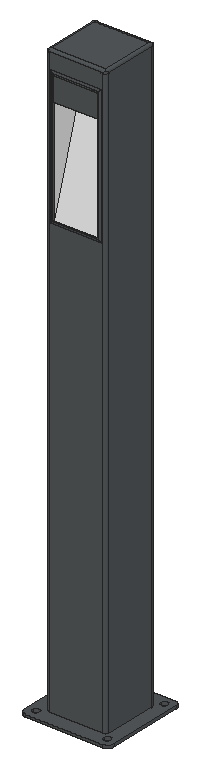
Revit family "svetilnik_alfresco_ar deko_dtu19", category Lighting Fixtures, Revit 2016
Family settings
  Part Type = Normal
  Round Connector Dimension = Use Diameter
  Work Plane-Based = No
  Always vertical = Yes
  Cut with Voids When Loaded = No
  Light Source = No
  Shared = No
  Room Calculation Point = No
Parameters (values of type "ДТУ 19.0 AF")
  Цветовая температура = "2700-6500"
  Фланец 2 = yes
  Фланец 1 = yes
  Тип продукции = "LED-светильник"
  Тип ПРА = "-"
  Тип КСС = "Симметричная боковая"
  Тип ИС = "LED-светодиоды"
  Температура эксплуатации = "-40 +50"
  Световой поток2 = 156 lm
  Рассеиватель = Пластик
  Разработано = "support@bimlib.ru"  # constant formula
  Apparent Load = ADSK_Номинальная мощность / ADSK_Коэффициент мощности  # 4.08163 VA
  Отступ от корпуса = 10 mm
  Отражатель = Отражатель
  Область использования = "ландшафт, коттедж. Посёлки,микрорайоны"
  Материал рассеивателя = "PC"
  Корпус светильника = Антрацит
  Климатическая зона = "У1"
  Класс пожароопасности = "F (светильники предназначены для установки непосредственно на поверхность из нормально воспламеняемых материалов)"
  Класс защиты = "1"
  Manufacturer = "ALFRESCO"  # constant formula
  Длина рассеивателя = ADSK_Размер_Длина - dv2  # 85 mm
  Блок аварийного питания = no
  dv2/2 = dv2 / 2  # 7.5 mm
  dv2 = 15 mm
  dv = 31.56 mm
  dg = 8 mm
  URL = "http://www.allfresco.ru/item/DTU-19-AF"
  IP Class = "IP 65"
  ADSK_Энергоэффективность = 120 lm/W
  ADSK_Ток = ADSK_Номинальная мощность / (ADSK_Коэффициент мощности * ADSK_Напряжение * sqrt(1))  # 0.0185529 A
  ADSK_Размер_Ширина = 100 mm
  ADSK_Размер_Длина = 100 mm
  ADSK_Размер_Высота = 1000 mm
  ADSK_Примечание [instance] = ""
  ADSK_Полная мощность = ADSK_Номинальная мощность / ADSK_Коэффициент мощности  # 4.08163 VA
  ADSK_Позиция = ""
  ADSK_Номинальная мощность = 4 W
  ADSK_Напряжение = 220 V
  ADSK_Наименование = "Светодиодный светильник Ар-Деко ДТУ-19.0-AF-1,3Вт-1,0"
  ADSK_Модель = "ДТУ-19.0-AF Ар-деко"
  ADSK_Масса = 13
  ADSK_Коэффициент мощности = 0.98
  ADSK_Количество фаз числовое = 2
  ADSK_Количество фаз = 2
  ADSK_Код изделия = ""
  ADSK_Классификация нагрузок [instance] = Освещение
  ADSK_Завод-изготовитель = "ALFRESCO"  # constant formula
  ADSK_Единица измерения = "шт."
  ADSK_Артикул = "ДТУ199"
Reference planes
  plane 1 "По центру (Вперед/Назад)": y = 0
  plane 2: z = 0
  plane 3 "По центру (Влево/Вправо)": x = 0
  plane 4: x = 50
  plane 5: x = -50
  plane 6: y = 50
  plane 7: y = -50
  plane 8: z = 1000
  plane 9: x = -60
  plane 10: x = 60
  plane 11: y = 60
  plane 12: y = -60
  plane 13: x = -75
  plane 14: x = 75
  plane 15: y = 75
  plane 16: y = -75
  plane 17: x = -45
  plane 18: x = 45
  plane 19: y = 45
  plane 20: y = -45
  plane 21: x = -42.5
  plane 22: x = 42.5
  plane 23: z = 970
  plane 24: z = 740
  plane 25: z = 995.84
Forms (mm)
  Extrusion 1, solid, material "Антрацит" <- "Корпус светильника", visible <- "Фланец 1", detail levels medium+fine
    sketch origin (0, 0, 0) x (1, 0, 0) y (0, 1, 0)
      loop
        arc (-65, 75) -> (-72.071, 72.071) -> (-75, 65) r 10
        line (-75, 65) -> (-75, -65)
        arc (-75, -65) -> (-72.071, -72.071) -> (-65, -75) r 10
        line (-65, -75) -> (65, -75)
        arc (65, -75) -> (72.071, -72.071) -> (75, -65) r 10
        line (75, -65) -> (75, 65)
        arc (75, 65) -> (72.071, 72.071) -> (65, 75) r 10
        line (65, 75) -> (-65, 75)
    from 0 to 4
  Extrusion 2, void
    sketch origin (0, 0, 0) x (1, 0, 0) y (0, 1, 0)
      loop
        circle (-60, 60) r 6
      loop
        circle (-60, -60) r 6
      loop
        circle (60, 60) r 6
      loop
        circle (60, -60) r 6
    from 0 to 4
  Extrusion 3, solid, material "Антрацит" <- "Корпус светильника", detail levels medium+fine
    sketch origin (0, 0, 0) x (1, 0, 0) y (0, 1, 0)
      loop
        arc (-45, 50) -> (-48.536, 48.536) -> (-50, 45) r 5
        line (-50, 45) -> (-50, -45)
        arc (-50, -45) -> (-48.536, -48.536) -> (-45, -50) r 5
        line (-45, -50) -> (45, -50)
        arc (45, -50) -> (48.536, -48.536) -> (50, -45) r 5
        line (50, -45) -> (50, 45)
        arc (50, 45) -> (48.536, 48.536) -> (45, 50) r 5
        line (45, 50) -> (-45, 50)
      loop
        arc (-40, 45) -> (-43.536, 43.536) -> (-45, 40) r 5
        line (-45, 40) -> (-45, -40)
        arc (-45, -40) -> (-43.536, -43.536) -> (-40, -45) r 5
        line (-40, -45) -> (40, -45)
        arc (40, -45) -> (43.536, -43.536) -> (45, -40) r 5
        line (45, -40) -> (45, 40)
        arc (45, 40) -> (43.536, 43.536) -> (40, 45) r 5
        line (40, 45) -> (-40, 45)
    from 0 to 995.84
  Extrusion 4, solid, material "Антрацит" <- "Корпус светильника", detail levels medium+fine
    sketch origin (0, 0, 0) x (1, 0, 0) y (0, 1, 0)
      loop
        arc (-45, 50) -> (-48.536, 48.536) -> (-50, 45) r 5
        line (-50, 45) -> (-50, -45)
        arc (-50, -45) -> (-48.536, -48.536) -> (-45, -50) r 5
        line (-45, -50) -> (45, -50)
        arc (45, -50) -> (48.536, -48.536) -> (50, -45) r 5
        line (50, -45) -> (50, 45)
        arc (50, 45) -> (48.536, 48.536) -> (45, 50) r 5
        line (45, 50) -> (-45, 50)
    from 995.84 to 1000
  Sweep 5, void
    path origin (0, 0, 0) x (1, 0, 0) y (0, 1, 0)
      loop
        line (-50, 50) -> (-50, -50) -> (50, -50) -> (50, 50) -> (-50, 50)
    profile origin (0, 50, 0) x (0, 1, 0) y (0, 0, 1)
      loop
        line (0, 995.84) -> (0, 1000) -> (-4.998, 1000)
        spline (-4.998, 1000) -> (-4.199, 999.971) -> (-3.471, 999.884) -> (-2.811, 999.74) -> (-2.221, 999.538) -> (-1.701, 999.278) -> (-1.249, 998.96) -> (-0.868, 998.584) -> (-0.555, 998.151) -> (-0.312, 997.66) -> (-0.139, 997.111) -> (-0.035, 996.504) -> (0, 995.84)
  Extrusion 6, solid, material "Антрацит" <- "Корпус светильника", not visible
    sketch origin (0, 0, 0) x (1, 0, 0) y (0, 0, 1)
      loop
        line (-40, 275) -> (-40, 45) -> (40, 45) -> (40, 275) -> (-40, 275)
    from 50 to 53
  Sweep 7, void, not visible
    path origin (0, 0, 0) x (1, 0, 0) y (0, 0, 1)
      loop
        line (-40, 275) -> (-40, 45) -> (40, 45) -> (40, 275) -> (-40, 275)
    profile origin (0, 0, 275) x (0, 0, 1) y (0, -1, 0)
      loop
        line (0, 53) -> (-5.115, 53) -> (0, 50.829) -> (0, 53)
  Extrusion 8, void, not visible
    sketch origin (0, 0, 0) x (0, 1, 0) y (0, 0, 1)
      loop
        line (-53, 242.5) -> (-53, 62.773) -> (-6.251, 242.5) -> (-53, 242.5)
    from -31.068 to 31.068
  Extrusion 9, solid, not visible
    sketch origin (10.462, 0, 0) x (0, 1, 0) y (0, 0, 1)
      loop
        line (-50, 242.5) -> (-50, 74.05) -> (-5.187, 242.5) -> (-50, 242.5)
    from 21.406 to 20.606
  Extrusion 10, solid, material "Отражатель" <- "Отражатель", not visible
    sketch origin (-10.462, 0, 0) x (0, 1, 0) y (0, 0, -1)
      loop
        line (-50, -242.5) -> (-5.187, -242.5) -> (-50, -74.05) -> (-50, -242.5)
    from 21.406 to 20.606
  Extrusion 11, solid, material "Отражатель" <- "Отражатель", not visible
    sketch origin (0, 0, 0) x (0, 1, 0) y (0, 0, 1)
      loop
        line (-50, 74.05) -> (-48.948, 73.77) -> (-4.06, 242.5) -> (-5.187, 242.5) -> (-50, 74.05)
    from -31.068 to 31.068
  Extrusion 12, solid, not visible
    sketch origin (0, 0, 0) x (1, 0, 0) y (0, 1, 0)
      loop
        line (-31.068, -4.06) -> (-31.068, -45) -> (31.068, -45) -> (31.068, -4.06) -> (-31.068, -4.06)
      loop
        line (0, -32.789) -> (-23.125, -32.789) -> (-23.125, -40.914) -> (0, -40.914) -> (23.125, -40.914) -> (23.125, -32.789) -> (0, -32.789)
    from 242.5 to 243.44
  Extrusion 13, solid, material "Пластик" <- "Рассеиватель", not visible
    sketch origin (0, 0, 0) x (1, 0, 0) y (0, 1, 0)
      loop
        line (-23.125, -32.789) -> (-23.125, -40.914) -> (23.125, -40.914) -> (23.125, -32.789) -> (-23.125, -32.789)
    from 242.5 to 243.44
  Extrusion 14, solid, not visible
    sketch origin (10.462, 0, 0) x (0, 1, 0) y (0, 0, 1)
      loop
        line (-50, 242.5) -> (-50, 74.05) -> (-5.187, 242.5) -> (-50, 242.5)
    from 21.406 to 20.606
  Extrusion 15, solid, material "Отражатель" <- "Отражатель", not visible
    sketch origin (-10.462, 0, 0) x (0, 1, 0) y (0, 0, -1)
      loop
        line (-50, -242.5) -> (-5.187, -242.5) -> (-50, -74.05) -> (-50, -242.5)
    from 21.406 to 20.606
  Extrusion 16, solid, material "Отражатель" <- "Отражатель", not visible
    sketch origin (0, 0, 0) x (0, 1, 0) y (0, 0, 1)
      loop
        line (-50, 74.05) -> (-48.948, 73.77) -> (-4.06, 242.5) -> (-5.187, 242.5) -> (-50, 74.05)
    from -31.068 to 31.068
  Extrusion 17, solid, not visible
    sketch origin (0, 0, 0) x (1, 0, 0) y (0, 1, 0)
      loop
        line (-31.068, -4.06) -> (-31.068, -45) -> (31.068, -45) -> (31.068, -4.06) -> (-31.068, -4.06)
      loop
        line (0, -32.789) -> (-23.125, -32.789) -> (-23.125, -40.914) -> (0, -40.914) -> (23.125, -40.914) -> (23.125, -32.789) -> (0, -32.789)
    from 242.5 to 243.44
  Extrusion 18, solid, material "Пластик" <- "Рассеиватель", not visible
    sketch origin (0, 0, 0) x (1, 0, 0) y (0, 1, 0)
      loop
        line (-23.125, -32.789) -> (-23.125, -40.914) -> (23.125, -40.914) -> (23.125, -32.789) -> (-23.125, -32.789)
    from 242.5 to 243.44
  Extrusion 19, void
    sketch origin (0, 0, 700) x (1, 0, 0) y (0, 0, 1)
      loop
        line (-42.5, 270) -> (-42.5, 40) -> (42.5, 40) -> (42.5, 270) -> (-42.5, 270)
    from 0 to 50
Cuts and joins
  Extrusion 2 cuts Extrusion 1
  Extrusion 19 cuts Extrusion 3
  Sweep 5, Extrusion 19 cuts Extrusion 4
  joined: Extrusion 3, Extrusion 4
Lines and regions (mm)
  model lines, detail levels coarse
    curve 1: line (-45, 50, 0) -> (45, 50, 0)
    curve 2: line (-50, -45, 0) -> (-50, 45, 0)
    curve 3: line (45, -50, 0) -> (-45, -50, 0)
    curve 4: line (50, 45, 0) -> (50, -45, 0)
    curve 5: arc (-50, 45, 0) -> (-48.536, 48.536, 0) -> (-45, 50, 0) r 5
    curve 6: arc (45, 50, 0) -> (48.536, 48.536, 0) -> (50, 45, 0) r 5
    curve 7: arc (-45, -50, 0) -> (-48.536, -48.536, 0) -> (-50, -45, 0) r 5
    curve 8: arc (50, -45, 0) -> (48.536, -48.536, 0) -> (45, -50, 0) r 5
    curve 9: line (0, 0, 0) -> (0, 0, 1000)
Dimensions and locks
  locked: plane 5 to Extrusion 3 at 5
  locked: Extrusion 3 to plane 4 at 5
  locked: plane 6 to Extrusion 3 at 5
  locked: plane 7 to Extrusion 3 at 5
  equal spacing: plane 5, plane 3 "По центру (Влево/Вправо)", plane 4
  "ADSK_Размер_Длина": plane 5 to plane 4
  equal spacing: plane 7, plane 1 "По центру (Вперед/Назад)", plane 6
  "ADSK_Размер_Ширина": plane 7 to plane 6
  "ADSK_Размер_Высота": plane 8 to level
  equal spacing: plane 9, plane 3 "По центру (Влево/Вправо)", plane 10
  locked: plane 9 to plane 10 at 120
  equal spacing: plane 11, plane 1 "По центру (Вперед/Назад)", plane 12
  locked: plane 11 to plane 12 at 120
  equal spacing: plane 15, plane 1 "По центру (Вперед/Назад)", plane 16
  equal spacing: plane 13, plane 3 "По центру (Влево/Вправо)", plane 14
  locked: plane 13 to plane 14 at 150
  locked: plane 16 to plane 15 at 150
  locked: Sweep 7 sketch curve to Sweep 7 sketch curve at 2.171
  locked: plane 7 to cut or joined group of Extrusion 3, Extrusion 4, Sweep 5, Extrusion 19 at 5
  equal spacing: plane 13, plane 9, plane 17
  equal spacing: plane 18, plane 10, plane 14
  equal spacing: plane 19, plane 11, plane 15
  equal spacing: plane 16, plane 12, plane 20
  "dv2/2": plane 4 to plane 22
  "dv2/2": plane 5 to plane 21
  locked: plane 23 to plane 24 at 230
  locked: plane 8 to plane 23 at 30
  locked: plane 8 to plane 25 at 4.16
  aligned and locked: level to plane 2
  aligned and locked: Extrusion 3 sketch curve to plane 6
  aligned and locked: Extrusion 3 sketch curve to plane 4
  aligned and locked: Extrusion 3 sketch curve to plane 7
  aligned and locked: Extrusion 3 sketch curve to plane 5
  aligned and locked: Extrusion 4 sketch curve to plane 6
  aligned and locked: Extrusion 4 sketch curve to plane 5
  aligned and locked: Extrusion 4 sketch curve to plane 7
  aligned and locked: Extrusion 4 sketch curve to plane 4
  aligned and locked: Sweep 5 sketch curve to plane 6
  aligned and locked: Sweep 5 sketch curve to plane 5
  aligned and locked: Sweep 5 sketch curve to plane 7
  aligned and locked: Sweep 5 sketch curve to plane 4
  aligned and locked: Sweep 5 to Extrusion 4
  aligned and locked: plane 8 to Sweep 5 sketch curve
  aligned and locked: plane 6 to Sweep 5 sketch curve
  aligned and locked: plane 11 to Extrusion 2 sketch curve  (x2)
  aligned and locked: plane 9 to Extrusion 2 sketch curve  (x2)
  aligned and locked: plane 10 to Extrusion 2 sketch curve  (x2)
  aligned and locked: plane 12 to Extrusion 2 sketch curve  (x2)
  aligned and locked: Extrusion 1 sketch curve to plane 14
  aligned and locked: plane 15 to Extrusion 1 sketch curve
  aligned and locked: Extrusion 1 sketch curve to plane 13
  aligned and locked: plane 16 to Extrusion 1 sketch curve
  aligned and locked: plane 7 to Extrusion 19
  aligned and locked: plane 3 "По центру (Влево/Вправо)" to nested 1
  aligned and locked: plane 7 to nested 1
  aligned and locked: plane 21 to Extrusion 19
  aligned and locked: plane 22 to Extrusion 19
  aligned and locked: plane 23 to Extrusion 19
  aligned and locked: Extrusion 19 to plane 24
  aligned and locked: plane 23 to nested 1
  aligned and locked: cut or joined group of Extrusion 3, Extrusion 4, Sweep 5, Extrusion 19 to plane 25
  aligned and locked: plane 25 to cut or joined group of Extrusion 3, Extrusion 4, Sweep 5, Extrusion 19
  aligned and locked: plane 8 to curve 9
  aligned and locked: curve 1 to plane 6
  aligned and locked: curve 2 to plane 5
  aligned and locked: curve 4 to plane 4
  aligned and locked: curve 3 to plane 7
Automatic sketch dimensions
  plane 9 to Extrusion 1 sketch curve = 5 mm  (x2)
  plane 10 to Extrusion 1 sketch curve = 5 mm  (x2)
  Extrusion 3 sketch curve to plane 5 = 5 mm  (x2)
  Extrusion 3 sketch curve to Extrusion 3 sketch curve = 5 mm  (x6)
  Extrusion 3 sketch curve to plane 4 = 5 mm  (x2)
  Extrusion 3 sketch curve to Extrusion 3 sketch curve = 0 mm
  Extrusion 3 sketch curve to plane 7 = 5 mm
  Extrusion 4 sketch curve to plane 5 = 5 mm
  Extrusion 4 sketch curve to Extrusion 4 sketch curve = 5 mm
  Extrusion 4 sketch curve to plane 4 = 5 mm  (x2)
  profile plane to Sweep 5 sketch curve = 4.998 mm
  Sweep 5 sketch curve to Sweep 5 sketch curve = 4.16 mm
  Sweep 7 sketch curve to Sweep 7 sketch curve = 5.115 mm
  Extrusion 11 sketch curve to Extrusion 11 sketch curve = 0.28 mm
  Extrusion 12 sketch curve to Extrusion 12 sketch curve = 8.125 mm
  Extrusion 13 sketch curve to Extrusion 13 sketch curve = 8.125 mm
  Extrusion 6 sketch curve to Extrusion 6 sketch curve = 80 mm
  Extrusion 6 sketch curve to Extrusion 6 sketch curve = 230 mm
  Sweep 7 sketch curve to Sweep 7 sketch curve = 80 mm
  Sweep 7 sketch curve to Sweep 7 sketch curve = 230 mm
  profile plane to Sweep 7 sketch curve = 0 mm
  profile plane to Sweep 7 sketch curve = 50.829 mm
  Extrusion 8 sketch curve to Extrusion 8 sketch curve = 46.749 mm
  Extrusion 8 sketch curve to Extrusion 8 sketch curve = 179.727 mm
  Extrusion 9 sketch curve to Extrusion 9 sketch curve = 44.813 mm
  Extrusion 9 sketch curve to Extrusion 9 sketch curve = 168.45 mm
  Extrusion 10 sketch curve to Extrusion 10 sketch curve = 44.813 mm
  Extrusion 10 sketch curve to Extrusion 10 sketch curve = 168.45 mm
  Extrusion 11 sketch curve to Extrusion 11 sketch curve = 1.052 mm
  Extrusion 11 sketch curve to Extrusion 11 sketch curve = 44.813 mm
  Extrusion 12 sketch curve to Extrusion 12 sketch curve = 7.943 mm  (x2)
  Extrusion 12 sketch curve to Extrusion 12 sketch curve = 23.125 mm  (x2)
  Extrusion 12 sketch curve to Extrusion 12 sketch curve = 0 mm
  Extrusion 12 sketch curve to Extrusion 12 sketch curve = 4.086 mm
  Extrusion 12 sketch curve to Extrusion 12 sketch curve = 28.729 mm
  Extrusion 13 sketch curve to Extrusion 13 sketch curve = 46.25 mm
  Extrusion 16 sketch curve to Extrusion 16 sketch curve = 0.28 mm
  Extrusion 17 sketch curve to Extrusion 17 sketch curve = 8.125 mm
  Extrusion 18 sketch curve to Extrusion 18 sketch curve = 8.125 mm
  Extrusion 14 sketch curve to Extrusion 14 sketch curve = 44.813 mm
  Extrusion 14 sketch curve to Extrusion 14 sketch curve = 168.45 mm
  Extrusion 15 sketch curve to Extrusion 15 sketch curve = 44.813 mm
  Extrusion 15 sketch curve to Extrusion 15 sketch curve = 168.45 mm
  Extrusion 16 sketch curve to Extrusion 16 sketch curve = 1.052 mm
  Extrusion 16 sketch curve to Extrusion 16 sketch curve = 44.813 mm
  Extrusion 17 sketch curve to Extrusion 17 sketch curve = 7.943 mm  (x2)
  Extrusion 17 sketch curve to Extrusion 17 sketch curve = 23.125 mm  (x2)
  Extrusion 17 sketch curve to Extrusion 17 sketch curve = 0 mm
  Extrusion 17 sketch curve to Extrusion 17 sketch curve = 4.086 mm
  Extrusion 17 sketch curve to Extrusion 17 sketch curve = 28.729 mm
  Extrusion 18 sketch curve to Extrusion 18 sketch curve = 46.25 mm
  Extrusion 19 sketch curve to plane 4 = 7.5 mm
  Extrusion 19 sketch curve to plane 5 = 7.5 mm
  Extrusion 19 sketch curve to plane 8 = 30 mm
  Extrusion 19 sketch curve to Extrusion 19 sketch curve = 230 mm
  curve 9 to plane 3 "По центру (Влево/Вправо)" = 0 mm
  curve 9 to level = 0 mm
  curve 7 to plane 17 = 0 mm
  curve 5 to plane 17 = 0 mm
  curve 3 to plane 18 = 0 mm
  curve 6 to plane 18 = 0 mm
  radius of Extrusion 2 sketch curve = 6 mm  (x4)
Nested families
  nested 1: "Источник света Ар_Деко" at (0, -50, 970), Корпус <- "Корпус светильника", Отражатель <- "Отражатель", Рассеиватель <- "Рассеиватель", Ширина <- "Длина рассеивателя", type "Источник света Ар_Деко", detail levels medium+fine
    with Ширина 85 mm, Толщина рамки 5 mm, Рассеиватель Пластик, Отражатель Отражатель, Корпус Антрацит
  nested 2: "УГО_Осветительный прибор" at (0, 0, 0), type "УГО_Осветительный прибор", detail levels coarse
Connectors
  electrical at (0, 0, 0), driven by "ADSK_Классификация нагрузок", driven by "ADSK_Напряжение", driven by "ADSK_Полная мощность", driven by "ADSK_Коэффициент мощности", driven by "ADSK_Количество фаз"
    settings: on cut or joined group of Extrusion 1, Extrusion 2, index 1, voltage 220 V, apparent load 4.08163 VA, apparent load phase1 0 VA, apparent load phase2 0 VA, apparent load phase3 0 VA, power factor 0.98, load classification "Освещение", number of poles 2, system type 30, power factor state 1, is connector primary yes, connector utility no, sub classification motor no, connector description ""
Definition of nested family "Источник света Ар_Деко"
  Parameters (values of type "4")
    built-in parameter 1150104 = 13.8 (stored number, unit not read)
    Ширина [instance] = 200 mm
    built-in parameter 1150134 = 3
    Photometric Web File = "DTU19ArDeco16w.ies"
    Tilt Angle = 90.00°
    Толщина рамки [instance] = 5 mm
    built-in parameter 1150137 = (empty or 0)
    built-in parameter 1150132 = (empty or 0)
    built-in parameter 1150114 = 1 (stored number, unit not read)
    Dimming Lamp Color Temperature Shift = (empty or 0)
    built-in parameter 1150105 = 109.82 (stored number, unit not read)
    Color Filter = 16777215
    Lumens = 1380 lm
    Рассеиватель [instance] = none
    built-in parameter 1150109 = 1 (stored number, unit not read)
    built-in parameter 1150112 = 1 (stored number, unit not read)
    built-in parameter 1150110 = 1 (stored number, unit not read)
    built-in parameter 1150113 = 1 (stored number, unit not read)
    built-in parameter 1150115 = 1 (stored number, unit not read)
    built-in parameter 1114218 = 1 (stored number, unit not read)
    built-in parameter 1114217 = 1 (stored number, unit not read)
    Отражатель [instance] = none
    built-in parameter 1150106 = 1.0982 (stored number, unit not read)
    built-in parameter 1150142 = "IESNA:LM-63-1995\r\n[TEST] alf\r\n[MANUFAC] Alfresco\r\n[LUMCAT]  \r\n[LUMINAIRE] Ar Deco LED 16Âò 4000K\r\n[LAMPCAT] LED\r\n[LAMP] 1000 lm, 8 W\r\n[OTHER] \r\n[MORE] \r\nTILT=NONE\r\n1 1000 1 181 144 1 2 0.200 0.230 0.100\r\n1.0 1.0 16\r\n   0.0   1.0   2.0   3.0   4.0   5.0   6.0   7.0   8.0   9.0  10.0  11.0  12.0\r\n  13.0  14.0  15.0  16.0  17.0  18.0  19.0  20.0  21.0  22.0  23.0  24.0  25.0\r\n  26.0  27.0  28.0  29.0  30.0  31.0  32.0  33.0  34.0  35.0  36.0  37.0  38.0\r\n  39.0  40.0  41.0  42.0  43.0  44.0  45.0  46.0  47.0  48.0  49.0  50.0  51.0\r\n  52.0  53.0  54.0  55.0  56.0  57.0  58.0  59.0  60.0  61.0  62.0  63.0  64.0\r\n  65.0  66.0  67.0  68.0  69.0  70.0  71.0  72.0  73.0  74.0  75.0  76.0  77.0\r\n  78.0  79.0  80.0  81.0  82.0  83.0  84.0  85.0  86.0  87.0  88.0  89.0  90.0\r\n  91.0  92.0  93.0  94.0  95.0  96.0  97.0  98.0  99.0 100.0 101.0 102.0 103.0\r\n 104.0 105.0 106.0 107.0 108.0 109.0 110.0 111.0 112.0 113.0 114.0 115.0 116.0\r\n 117.0 118.0 119.0 120.0 121.0 122.0 123.0 124.0 125.0 126.0 127.0 128.0 129.0\r\n 130.0 131.0 132.0 133.0 134.0 135.0 136.0 137.0 138.0 139.0 140.0 141.0 142.0\r\n 143.0 144.0 145.0 146.0 147.0 148.0 149.0 150.0 151.0 152.0 153.0 154.0 155.0\r\n 156.0 157.0 158.0 159.0 160.0 161.0 162.0 163.0 164.0 165.0 166.0 167.0 168.0\r\n 169.0 170.0 171.0 172.0 173.0 174.0 175.0 176.0 177.0 178.0 179.0 180.0\r\n   0.0   2.5   5.0   7.5  10.0  12.5  15.0  17.5  20.0  22.5  25.0  27.5  30.0\r\n  32.5  35.0  37.5  40.0  42.5  45.0  47.5  50.0  52.5  55.0  57.5  60.0  62.5\r\n  65.0  67.5  70.0  72.5  75.0  77.5  80.0  82.5  85.0  87.5  90.0  92.5  95.0\r\n  97.5 100.0 102.5 105.0 107.5 110.0 112.5 115.0 117.5 120.0 122.5 125.0 127.5\r\n 130.0 132.5 135.0 137.5 140.0 142.5 145.0 147.5 150.0 152.5 155.0 157.5 160.0\r\n 162.5 165.0 167.5 170.0 172.5 175.0 177.5 180.0 182.5 185.0 187.5 190.0 192.5\r\n 195.0 197.5 200.0 202.5 205.0 207.5 210.0 212.5 215.0 217.5 220.0 222.5 225.0\r\n 227.5 230.0 232.5 235.0 237.5 240.0 242.5 245.0 247.5 250.0 252.5 255.0 257.5\r\n 260.0 262.5 265.0 267.5 270.0 272.5 275.0 277.5 280.0 282.5 285.0 287.5 290.0\r\n 292.5 295.0 297.5 300.0 302.5 305.0 307.5 310.0 312.5 315.0 317.5 320.0 322.5\r\n 325.0 327.5 330.0 332.5 335.0 337.5 340.0 342.5 345.0 347.5 350.0 352.5 355.0\r\n 357.5\r\n       0.0       0.0       0.3       0.2       0.3       0.2       0.2       0.2\r\n       0.3       0.4       0.3       0.6      42.2     117.1     170.7     214.2\r\n     258.7     319.6     369.3     451.0     520.0     533.0     535.9     537.3\r\n     538.1     538.9     540.3     540.7     541.3     539.5     539.1     541.1\r\n     537.8     538.1     538.0     534.4     536.2     536.2     536.0     534.2\r\n     534.6     534.5     531.1     526.4     523.8     518.6     512.4     510.6\r\n     507.9     508.0     504.1     496.7     479.1     456.8     426.3     398.5\r\n     375.1     358.5     344.5     328.6     309.2     299.3     289.2     271.3\r\n     255.6     247.7     236.6     219.3     199.9     188.8     177.4     168.0\r\n     146.3     133.2     112.5      99.6      89.3      71.8      54.9      33.8\r\n      15.4       2.2       0.4       0.3       0.3       0.3       0.3       0.3\r\n       0.3       0.3       0.3       0.3       0.3       0.3       0.3       0.3\r\n       0.3       0.3       0.3       0.3       0.3       0.3       0.3       0.3\r\n       0.3       0.3       0.3       0.3       0.3       0.3       0.3       0.3\r\n       0.3       0.3       0.4       0.3       0.3       0.3       0.3       0.3\r\n       0.3       0.3       0.3       0.3       0.3       0.3       0.3       0.3\r\n       0.3       0.3       0.3       0.3       0.4       0.3       0.3       0.3\r\n       0.3       0.3       0.3       0.3       0.3       0.3       0.3       0.4\r\n       0.3       0.4       0.3       0.3       0.4       0.4       0.3       0.3\r\n       0.3       0.3       0.4       0.4       0.4       0.3       0.4       0.3\r\n       0.4       0.3       0.3       0.3       0.3       0.3       0.3       0.3\r\n       0.3       0.3       0.3       0.2       0.1       0.1       0.1       0.1\r\n       0.1       0.1       0.0       0.0       0.0\r\n       0.0       0.0       0.3       0.2       0.3       0.2       0.2       0.2\r\n       0.3       0.4       0.3       0.5      41.0     117.7     171.3     215.4\r\n     260.8     325.4     378.6     456.3     517.0     532.5     531.2     530.6\r\n     533.8     535.4     537.1     536.8     539.4     539.8     540.8     537.7\r\n     538.8     539.1     536.6     538.5     538.5     534.2     532.0     530.3\r\n     527.0     525.0     524.0     520.7     516.4     516.6     521.3     520.7\r\n     515.6     508.0     502.8     491.4     475.0     452.1     422.1     394.1\r\n     372.7     356.3     342.1     325.4     311.5     302.9     290.4     269.2\r\n     249.8     239.8     231.4     216.1     200.7     190.4     184.1     168.2\r\n     151.5     134.0     110.8      93.3      87.5      70.4      51.7      31.3\r\n      11.2       1.4       0.3       0.2       0.3       0.3       0.2       0.3\r\n       0.3       0.3       0.3       0.3       0.3       0.3       0.3       0.3\r\n       0.3       0.3       0.3       0.3       0.3       0.3       0.3       0.3\r\n       0.3       0.3       0.3       0.3       0.3       0.3       0.3       0.3\r\n       0.3       0.3       0.3       0.3       0.3       0.3       0.3       0.3\r\n       0.3       0.3       0.3       0.3       0.3       0.3       0.3       0.3\r\n       0.3       0.3       0.3       0.3       0.3       0.3       0.3       0.3\r\n       0.3       0.3       0.3       0.3       0.3       0.3       0.3       0.3\r\n       0.3       0.3       0.3       0.3       0.3       0.3       0.3       0.3\r\n       0.3       0.3       0.3       0.3       0.3       0.3       0.3       0.3\r\n       0.3       0.3       0.3       0.3       0.3       0.3       0.3       0.3\r\n       0.3       0.3       0.3       0.2       0.1       0.1       0.1       0.1\r\n       0.1       0.1       0.0       0.0       0.0\r\n       0.0       0.0       0.3       0.2       0.3       0.2       0.2       0.2\r\n       0.3       0.4       0.3       0.5      37.1     116.6     171.3     213.0\r\n     256.4     316.4     371.9     447.1     517.9     530.3     527.4     530.0\r\n     532.0     533.4     534.7     538.3     537.7     537.7     539.1     537.0\r\n     539.6     538.7     536.7     536.3     535.7     535.0     531.7     528.4\r\n     525.6     522.4     519.0     519.8     521.5     516.3     509.2     504.6\r\n     499.6     497.0     491.2     484.9     473.6     454.6     426.7     394.4\r\n     372.6     354.1     339.1     322.1     304.7     296.7     285.9     264.5\r\n     250.2     241.4     232.9     222.3     204.4     193.5     181.5     167.0\r\n     144.6     128.3     108.2      97.8      87.7      72.8      54.3      33.6\r\n      13.7       2.0       0.3       0.3       0.3       0.3       0.3       0.3\r\n       0.3       0.3       0.3       0.3       0.3       0.3       0.3       0.3\r\n       0.3       0.3       0.3       0.3       0.3       0.3       0.3       0.3\r\n       0.3       0.3       0.3       0.3       0.3       0.3       0.3       0.3\r\n       0.3       0.3       0.3       0.3       0.3       0.3       0.3       0.3\r\n       0.3       0.3       0.3       0.3       0.3       0.3       0.3       0.3\r\n       0.3       0.3       0.3       0.3       0.3       0.2       0.3       0.2\r\n       0.3       0.3       0.3       0.3       0.3       0.3       0.3       0.3\r\n       0.3       0.3       0.3       0.3       0.3       0.3       0.3       0.3\r\n       0.3       0.3       0.3       0.3       0.3       0.3       0.3       0.3\r\n       0.3       0.3       0.3       0.3       0.3       0.3       0.3       0.3\r\n       0.3       0.3       0.3       0.2       0.1       0.1       0.1       0.1\r\n       0.1       0.1       0.0       0.0       0.0\r\n       0.0       0.0       0.3       0.2       0.3       0.2       0.2       0.2\r\n       0.3       0.4       0.3       0.4      31.5     112.4     168.7     208.9\r\n     248.4     300.9     354.4     425.2     517.9     531.8     530.2     529.9\r\n     530.6     536.5     536.2     538.3     536.7     539.1     540.4     539.2\r\n     537.9     531.5     533.7     529.8     525.5     525.8     526.8     527.4\r\n     527.9     526.1     524.3     519.1     514.8     507.6     503.3     501.5\r\n     500.6     497.9     490.3     484.7     474.8     447.6     417.2     391.8\r\n     365.8     347.7     336.4     320.2     303.1     292.4     281.7     264.5\r\n     248.6     241.5     230.1     215.3     197.6     185.6     180.3     164.6\r\n     145.8     129.7     111.5      94.4      87.2      71.8      52.4      30.0\r\n       9.8       1.8       0.3       0.2       0.2       0.2       0.2       0.2\r\n       0.2       0.2       0.2       0.2       0.2       0.2       0.2       0.2\r\n       0.2       0.2       0.2       0.2       0.2       0.2       0.2       0.2\r\n       0.2       0.2       0.2       0.2       0.2       0.2       0.2       0.2\r\n       0.2       0.2       0.2       0.2       0.2       0.2       0.2       0.3\r\n       0.2       0.2       0.2       0.3       0.3       0.2       0.2       0.2\r\n       0.2       0.2       0.2       0.2       0.2       0.2       0.2       0.3\r\n       0.3       0.3       0.3       0.3       0.3       0.3       0.3       0.3\r\n       0.3       0.3       0.3       0.3       0.3       0.3       0.3       0.3\r\n       0.3       0.3       0.3       0.3       0.3       0.3       0.3       0.3\r\n       0.3       0.3       0.3       0.3       0.3       0.3       0.3       0.3\r\n       0.3       0.3       0.3       0.2       0.1       0.1       0.1       0.1\r\n       0.1       0.1       0.0       0.0       0.0\r\n       0.0       0.0       0.3       0.2       0.3       0.2       0.2       0.2\r\n       0.3       0.4       0.3       0.4      24.8     106.4     163.6     206.3\r\n     243.7     291.4     344.2     412.1     509.4     531.4     536.1     533.0\r\n     534.5     532.9     533.5     534.3     531.7     535.9     534.5     534.5\r\n     533.7     536.8     533.2     532.0     529.5     529.5     526.3     520.8\r\n     518.4     513.6     509.1     504.7     501.3     500.4     500.1     498.3\r\n     494.3     492.8     492.5     486.7     472.0     455.7     428.9     397.0\r\n     373.1     355.6     342.6     322.3     305.8     298.4     287.7     272.8\r\n     252.2     238.0     232.3     218.8     200.2     187.3     178.3     166.9\r\n     148.8     131.4     112.9      98.6      86.1      72.1      52.4      35.6\r\n      14.2       2.5       0.3       0.2       0.2       0.2       0.2       0.2\r\n       0.2       0.2       0.2       0.2       0.2       0.2       0.2       0.2\r\n       0.2       0.2       0.2       0.2       0.2       0.2       0.2       0.2\r\n       0.2       0.2       0.2       0.2       0.2       0.2       0.2       0.2\r\n       0.2       0.2       0.2       0.2       0.2       0.2       0.2       0.2\r\n       0.2       0.2       0.2       0.2       0.2       0.2       0.2       0.2\r\n       0.2       0.2       0.2       0.2       0.2       0.2       0.2       0.2\r\n       0.2       0.2       0.2       0.3       0.3       0.3       0.3       0.3\r\n       0.3       0.2       0.3       0.3       0.3       0.3       0.3       0.3\r\n       0.3       0.2       0.3       0.3       0.3       0.3       0.3       0.3\r\n       0.3       0.3       0.3       0.3       0.3       0.3       0.3       0.3\r\n       0.3       0.3       0.3       0.2       0.1       0.1       0.1       0.1\r\n       0.1       0.1       0.0       0.0       0.0\r\n       0.0       0.0       0.3       0.2       0.3       0.2       0.2       0.2\r\n       0.3       0.3       0.3       0.4      17.1      98.3     157.9     203.3\r\n     243.5     288.8     341.5     399.2     498.2     531.6     536.5     539.6\r\n     536.4     535.9     534.9     534.3     537.2     534.7     532.7     533.5\r\n     531.0     532.8     532.9     531.4     529.8     523.6     521.7     518.2\r\n     512.8     512.5     514.0     513.7     510.4     508.2     506.0     498.4\r\n     492.2     489.1     485.6     482.1     471.4     456.6     430.8     403.0\r\n     372.4     350.6     337.0     324.2     306.0     294.1     282.4     263.5\r\n     245.0     237.5     228.3     216.6     199.1     184.5     174.7     163.3\r\n     145.1     131.5     113.4      96.6      84.9      69.5      52.7      30.9\r\n      11.2       1.5       0.2       0.2       0.2       0.2       0.2       0.2\r\n       0.2       0.2       0.2       0.2       0.2       0.2       0.2       0.2\r\n       0.2       0.2       0.2       0.2       0.2       0.2       0.2       0.2\r\n       0.2       0.2       0.2       0.2       0.2       0.2       0.2       0.2\r\n       0.2       0.2       0.2       0.2       0.2       0.2       0.2       0.2\r\n       0.2       0.2       0.2       0.2       0.2       0.2       0.2       0.2\r\n       0.2       0.2       0.2       0.2       0.2       0.2       0.2       0.2\r\n       0.2       0.2       0.2       0.2       0.2       0.2       0.3       0.2\r\n       0.2       0.2       0.2       0.3       0.2       0.3       0.3       0.2\r\n       0.3       0.3       0.3       0.3       0.3       0.3       0.3       0.3\r\n       0.3       0.3       0.3       0.3       0.3       0.3       0.3       0.3\r\n       0.3       0.3       0.3       0.2       0.1       0.1       0.1       0.1\r\n       0.1       0.1       0.0       0.0       0.0\r\n       0.0       0.0       0.3       0.2       0.3       0.2       0.2       0.2\r\n       0.3       0.3       0.3       0.3      10.3      87.0     151.7     196.3\r\n     240.3     285.3     341.4     390.0     481.8     528.6     532.2     535.8\r\n     537.8     534.6     535.8     536.9     531.3     531.2     531.1     530.2\r\n     530.5     528.0     526.8     526.7     526.2     527.2     525.7     523.0\r\n     522.0     521.3     519.5     512.2     509.3     506.1     499.4     493.6\r\n     491.7     489.9     484.0     481.1     477.4     461.1     435.9     406.7\r\n     376.0     357.7     343.1     328.4     309.8     294.8     284.4     275.9\r\n     255.3     241.5     231.8     221.0     201.3     186.3     177.9     166.5\r\n     151.5     131.3     114.1      94.6      84.8      75.3      57.0      38.1\r\n      17.3       3.9       0.3       0.2       0.2       0.2       0.2       0.2\r\n       0.2       0.2       0.2       0.2       0.2       0.2       0.2       0.2\r\n       0.2       0.2       0.2       0.2       0.2       0.2       0.2       0.2\r\n       0.2       0.2       0.2       0.2       0.2       0.2       0.2       0.2\r\n       0.2       0.2       0.2       0.2       0.2       0.2       0.2       0.2\r\n       0.2       0.2       0.2       0.2       0.2       0.2       0.2       0.2\r\n       0.2       0.2       0.2       0.2       0.2       0.2       0.2       0.2\r\n       0.2       0.2       0.2       0.2       0.2       0.2       0.2       0.2\r\n       0.2       0.2       0.2       0.2       0.2       0.2       0.2       0.3\r\n       0.2       0.3       0.3       0.2       0.3       0.2       0.3       0.2\r\n       0.3       0.3       0.3       0.3       0.3       0.3       0.3       0.3\r\n       0.3       0.3       0.3       0.2       0.1       0.1       0.1       0.1\r\n       0.1       0.1       0.0       0.0       0.0\r\n       0.0       0.0       0.3       0.2       0.3       0.2       0.2       0.2\r\n       0.3       0.3       0.3       0.3       5.6      74.0     142.7     185.2\r\n     227.7     273.3     331.6     380.2     456.3     516.8     525.8     527.5\r\n     529.4     529.3     531.3     530.5     530.9     531.4     533.3     533.4\r\n     529.7     529.5     529.1     528.6     524.5     522.5     521.5     523.8\r\n     519.8     515.4     510.4     509.3     510.5     504.9     496.0     496.7\r\n     495.8     485.4     481.7     478.5     470.5     458.7     435.0     404.8\r\n     378.5     352.6     336.8     324.0     302.7     289.1     279.9     268.3\r\n     250.2     234.6     224.6     215.6     198.0     184.8     1
